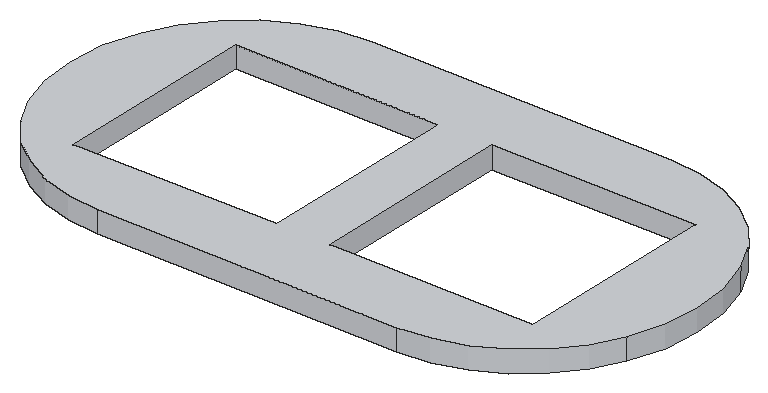
Revit family "Gira_0212130", category Electrical Fixtures, host Face, Revit 2017
Family settings
  Host = Face
  Maintain Annotation Orientation = No
  Round Connector Dimension = Use Diameter
  Part Type = Normal
  Cut with Voids When Loaded = No
  Shared = No
  Room Calculation Point = No
Parameters (values of type "Cov.fr. 2-g Gira Studio white gl.")
  URL = "http://katalog.gira.de/en/datenblatt.html?artikelnr=0212130"
  Transparent = "Yes"
  Name = "Cov.fr. 2-g Gira Studio white gl."
  Manufacturer URL = "https://www.gira.de/"
  Manufacturer = "Gira"
  Label space/information surface = "No"
  Keynote = ""
  HeinzeBIM = "https://bimportal.heinze.de/bim/cov-fr-2-g-gira-studio-white-gl-/c30511b83035c691e30fb3a268af2a2ce0a0ba24"
  HAN = "0212130"
  GTIN = "4010337045618"
  Description = "Cov.fr.2g Stud. GWh,Gira Studio cover frame,white glass,2-gang,Installation in standard device boxes, can be extended as required through installation in device boxes with spacer glands.,For surface-mounted installation: Gira Studio, housing, 1-gang, with cover frame, 1-gang, can be extended as required."
  Default Elevation = 1219.2 mm
  Data sheet (1) = "https://katalog.gira.de/en/download.html?artikelnr=0212130"
  Category = "Cover frame for domestic switching devices"
  BIM (2) = "https://media.stage.bim.site/public/gira/36a6b08/Studio_Rahmen_Tragplatte_2fach.rfa"
  BIM (1) = "https://media.stage.bim.site/public/gira/36a6b08/Studio_Rahmen_Abdeckplatte_2fach.rfa"
  Available = "No"
Reference planes
  plane 1 "Center (Front/Back)": y = 0
  plane 2: z = 0
  plane 3 "Center (Left/Right)": x = 0
Forms (mm)
  Extrusion 1, solid, detail levels fine
    sketch origin (0, 0, 0) x (0, -1, 0) y (1, 0, 0)
      loop
        arc (-47.5, -41.55) -> (-39.942, -66.512) -> (-19.808, -83.088) r 45
        arc (-19.808, -83.088) -> (0, -87.05) -> (19.808, -83.088) r 51.5
        arc (19.808, -83.088) -> (39.942, -66.512) -> (47.5, -41.55) r 45
        line (47.5, -41.55) -> (47.5, 41.55)
        arc (47.5, 41.55) -> (39.942, 66.512) -> (19.808, 83.088) r 45
        arc (19.808, 83.088) -> (0, 87.05) -> (-19.808, 83.088) r 51.5
        arc (-19.808, 83.088) -> (-39.942, 66.512) -> (-47.5, 41.55) r 45
        line (-47.5, 41.55) -> (-47.5, -41.55)
      loop
        line (-28.2, -63.75) -> (28.2, -63.75) -> (28.2, -7.35) -> (-28.2, -7.35) -> (-28.2, -63.75)
      loop
        line (28.2, 63.75) -> (-28.2, 63.75) -> (-28.2, 7.35) -> (28.2, 7.35) -> (28.2, 63.75)
    from 0 to 6
  Extrusion 2, solid, detail levels medium
    sketch origin (0, 0, 0) x (0, -1, 0) y (1, 0, 0)
      loop
        arc (-47.5, -41.55) -> (-39.942, -66.512) -> (-19.808, -83.088) r 45
        arc (-19.808, -83.088) -> (0, -87.05) -> (19.808, -83.088) r 51.5
        arc (19.808, -83.088) -> (39.942, -66.512) -> (47.5, -41.55) r 45
        line (47.5, -41.55) -> (47.5, 41.55)
        arc (47.5, 41.55) -> (39.942, 66.512) -> (19.808, 83.088) r 45
        arc (19.808, 83.088) -> (0, 87.05) -> (-19.808, 83.088) r 51.5
        arc (-19.808, 83.088) -> (-39.942, 66.512) -> (-47.5, 41.55) r 45
        line (-47.5, 41.55) -> (-47.5, -41.55)
    from 0 to 6
  Extrusion 3, solid, detail levels coarse
    sketch origin (0, 0, 0) x (0, -1, 0) y (1, 0, 0)
      loop
        line (-47.5, 87.05) -> (-47.5, -87.05) -> (47.5, -87.05) -> (47.5, 87.05) -> (-47.5, 87.05)
    from 0 to 6
Dimensions and locks
  aligned and locked: plane 2 to host face
  aligned and locked: level to host face
